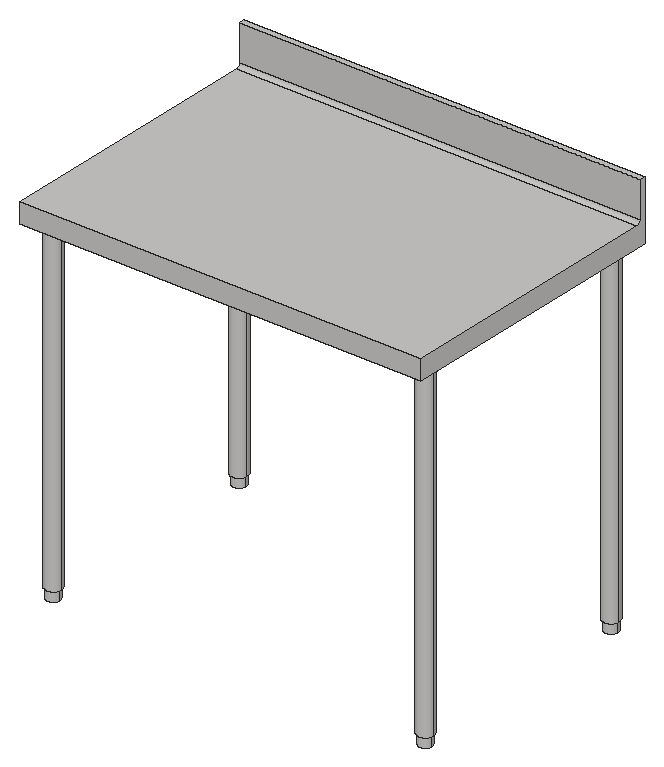
Revit family "QF_ELECTROLUXPROFESSIONAL_133054_TG1010EN", category Attrezzature speciali, Revit 2020
Family settings
  Quota connettore circolare = Usa diametro
  Tipo di parte = Normale
  Basato su piano di lavoro = No
  Sempre verticale = Sì
  Taglio con vuoti quando caricato = No
  Condiviso = No
  Punto di calcolo locali = No
Parameters (values of type "Standard")
  Weight = 35.00 kg
  Watts = 0 W
  Volts = 0 V
  URL Manufacturer = "https://www.electroluxprofessional.com/"
  URL = "https://www.electroluxprofessional.com/"
  Steam Supply Size = 0 mm
  Steam Supply Minimum Pressure = 0.0 Pa
  Steam Supply Maximum Pressure = 0.0 Pa
  Steam Consumption per Hour = 0
  Refrigeration Suction Line Size = 0.0 mm
  Refrigeration Liquid Line Size = 0.0 mm
  Refrigerant Compressor Remote = yes
  Prospetto di default = 0.0 mm
  Produttore = "Electrolux Professional"
  Phase = 0
  Modello = "TG1010EN"
  Length Actual = 1000.0 mm  # constant formula
  Item Number = "133054"
  Hot Water Size = 0 mm
  Height Actual = 900.0 mm  # constant formula
  HP = "0 HP"
  Gas Size = 0 mm
  Gas KW = 0
  Gas Input Pressure = 0 W
  Direct Waste Size = 0 mm
  Descrizione = "WORK TABLE WITH UPSTAND 1000 MM"
  Depth Actual = 700.0 mm  # constant formula
  Cycle = 0 Hz
  Condensate Return Size = 0 mm
  Compressed Air Volume = 0.0 L/s
  Compressed Air Size = 0 mm
  Compressed Air Pressure = 0.0 Pa
  Cold Water Size = 0 mm
  Accessory = yes
Reference planes
  plane 1 "Center (Front/Back)": y = 0
  plane 2: z = 0
  plane 3 "Center (Left/Right)": x = 0
  plane 4 "LEFT": x = -500
  plane 5 "RIGHT": x = 500
  plane 6 "BACK": y = 350
  plane 7 "FRONT": y = -350
  plane 8 "Base": z = 850
  plane 9 "TOP": z = 900
  plane 10: x = -464.5
  plane 11: x = 464.5
  plane 12: y = 290
  plane 13: y = -290
Forms (mm)
  Extrusion 1, solid, material "QF_Finishes_Stainless Steel"
    sketch origin (0, 0, 0) x (0, 1, 0) y (0, 0, 1)
      loop
        line (-350, 850) -> (350, 850) -> (350, 1000) -> (337, 1000) -> (337, 910)
        arc (337, 910) -> (334.071, 902.929) -> (327, 900) r 10
        line (327, 900) -> (-350, 900) -> (-350, 850)
    from 500 to -500
Lines and regions (mm)
  symbolic lines
    curve 1: line (500, 350, 900) -> (-500, 350, 900)
    curve 2: line (-500, 350, 900) -> (-500, -350, 900)
    curve 3: line (-500, -350, 900) -> (500, -350, 900)
    curve 4: line (500, -350, 900) -> (500, 350, 900)
    curve 5: line (500, 337, 900) -> (-500, 337, 900)
Dimensions and locks
  plane 4 "LEFT" to plane 5 "RIGHT" = 1000.0 mm
  equal spacing: plane 4 "LEFT", plane 3 "Center (Left/Right)", plane 5 "RIGHT"
  locked: plane 8 "Base" to level at 850
  plane 4 "LEFT" to plane 10 = 35.5 mm
  plane 11 to plane 5 "RIGHT" = 35.5 mm
  plane 10 to plane 11 = 929.0 mm
  locked: Extrusion 1 to level at 1000
  plane 9 "TOP" to level = 900.0 mm
  plane 6 "BACK" to plane 12 = 60.0 mm
  plane 13 to plane 7 "FRONT" = 60.0 mm
  plane 6 "BACK" to plane 7 "FRONT" = 700.0 mm
  plane 12 to plane 13 = 580.0 mm
  equal spacing: plane 6 "BACK", plane 1 "Center (Front/Back)", plane 7 "FRONT"
  aligned and locked: level to plane 2
  aligned and locked: plane 10 to nested 1
  aligned and locked: nested 1 to plane 13
  aligned and locked: plane 11 to nested 2
  aligned and locked: nested 2 to plane 13
  aligned and locked: plane 11 to nested 4
  aligned and locked: nested 4 to plane 12
  aligned and locked: plane 10 to nested 3
  aligned and locked: nested 3 to plane 12
  aligned and locked: Extrusion 1 to plane 4 "LEFT"
  aligned and locked: plane 5 "RIGHT" to Extrusion 1
  aligned and locked: curve 2 to plane 4 "LEFT"
Automatic sketch dimensions
  Extrusion 1 sketch curve to plane 7 "FRONT" = 0.0 mm
  Extrusion 1 sketch curve to plane 9 "TOP" = 0.0 mm
  Extrusion 1 sketch curve to plane 6 "BACK" = 0.0 mm
  Extrusion 1 sketch curve to plane 8 "Base" = 0.0 mm
  plane 9 "TOP" to Extrusion 1 sketch curve = 10.0 mm
  Extrusion 1 sketch curve to plane 6 "BACK" = 13.0 mm
  Extrusion 1 sketch curve to Extrusion 1 sketch curve = 90.0 mm
  curve 3 to plane 7 "FRONT" = 0.0 mm
  curve 5 to plane 5 "RIGHT" = 0.0 mm
  curve 4 to plane 6 "BACK" = 0.0 mm
  curve 5 to plane 6 "BACK" = 13.0 mm
Nested families
  nested 1: "FEET_D40" at (-464.5, -290, 0), type "FEET_D40"
  nested 2: "FEET_D40" at (464.5, -290, 0), type "FEET_D40"
  nested 3: "FEET_D40" at (-464.5, 290, 0), type "FEET_D40"
  nested 4: "FEET_D40" at (464.5, 290, 0), type "FEET_D40"
Definition of nested family "FEET_D40"
  Parameters
    Default Elevation = 0.0 mm
    FEET = 850.0 mm
  Reference planes
    plane 1 "Center (Front/Back)": y = 0
    plane 2: z = 0
    plane 3 "Center (Left/Right)": x = 0
    plane 4: z = 850
  Forms (mm)
    Extrusion 1, solid
      sketch origin (0, 0, 0) x (1, 0, 0) y (0, 1, 0)
        loop
          circle (0, 0.002) r 20
      from 25 to 845
    Extrusion 2, solid
      sketch origin (0, 0, 0) x (1, 0, 0) y (0, 1, 0)
        loop
          circle (0, 0) r 16
      from 0 to 25
    Extrusion 3, solid
      sketch origin (0, 0, 0) x (1, 0, 0) y (0, 1, 0)
        loop
          circle (0, 0.002) r 30
      from 845 to 850
  Lines and regions (mm)
    symbolic lines
      curve 1: line (0, -1.503, 0) -> (0, 1.508, 0)
      curve 2: line (1.561, 0, 0) -> (-1.439, 0, 0)
  Dimensions and locks
    "FEET": plane 4 to plane 2
    aligned and locked: level to plane 2
  Automatic sketch dimensions
    plane 1 "Center (Front/Back)" to Extrusion 2 sketch curve = 0.0 mm
    Extrusion 2 sketch curve to plane 3 "Center (Left/Right)" = 0.0 mm
    plane 1 "Center (Front/Back)" to curve 2 = 0.0 mm
    curve 1 to plane 3 "Center (Left/Right)" = 0.0 mm
    curve 2 to plane 3 "Center (Left/Right)" = 1.439 mm
    plane 3 "Center (Left/Right)" to curve 2 = 1.561 mm
    plane 1 "Center (Front/Back)" to curve 1 = 1.503 mm
    curve 1 to plane 1 "Center (Front/Back)" = 1.508 mm
    Extrusion 1 sketch curve to plane 3 "Center (Left/Right)" = 0.0 mm
    Extrusion 1 sketch curve to plane 1 "Center (Front/Back)" = 0.002 mm
    Extrusion 3 sketch curve to plane 3 "Center (Left/Right)" = 0.0 mm
    Extrusion 3 sketch curve to plane 1 "Center (Front/Back)" = 0.002 mm
    radius of Extrusion 2 sketch curve = 16.0 mm
    radius of Extrusion 1 sketch curve = 20.0 mm
    radius of Extrusion 3 sketch curve = 30.0 mm
